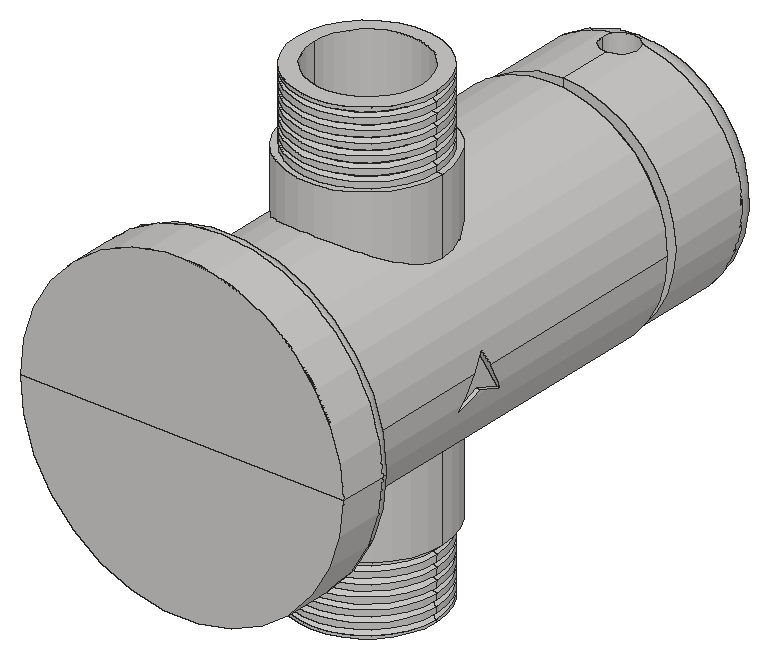
Revit family
Parameters (values of type "Type 1")
  WarrantyDurationUnit = "10 years"
  WarrantyDescription = "Any manufacturing defect"
  Version = "v1"
  URL = "http://www.delabie.com"
  Type Comments = "Exposed time flow valve"
  SerialNumber = "3456330136372"
  Radius = 10.3 mm
  ProductInformation = "www.delabie.com/products/777800"
  Operation = "Soft-touch time flow valve"
  NominalHeight = 70 mm
  Name = "TEMPOSOFT 2"
  ModelNumber = "777800"
  Model = "TEMPOSOFT 2"
  Material = Solid brass
  ManufacturerURL = "http://www.delabie.com"
  ManufacturerName = "DELABIE"
  Manufacturer = "DELABIE"
  IntegralAccessoryOptions = "Neck tube, floor trap, siphon"
  FlowRate lps = "0.15 lps at 3bar"
  FlowRate lpm = "9 lpm at 3 bar"
  Finish = Chrome-plated
  Features  = "Exposed time flow urinal valve:\r\nFor standard or siphon action urinals.\r\nSoft-touch operation.\r\nTime flow ~3 sec.\r\nFlow rate pre-set at 0.15 l/sec. at 3 bar, can be adjusted.\r\nChrome-plated solid brass body M½\".\r\nWall plate.\r\nStraight for in-line inlet."
  Description = "French manufacturer Delabie is a leader in the European sanitary ware market for non-domestic places. Water controls, solutions for disabled people, sanitary ware, for schools, leisure centres, offices, hospitals, airports…"
  Category = "Urinal valve"
  Assembly Code = ""
Reference planes
  plane 1: y = 0
  plane 2 "Center (Left/Right)": x = 125
  plane 3 "Back": y = 75
  plane 4: y = 75
  plane 5: y = 75
  plane 6: y = 75
  plane 7: z = 1067.89
  plane 8: z = 1067.89
Forms (mm)
  Sweep 1, solid, material "Laiton massif chromé"
    path origin (124.322, 75.014, 533.945) x (1, 0, 0) y (0, 0, -1)
      loop
        line (0, 35.617) -> (0, -34.383)
    profile origin (124.322, 75.014, 533.328) x (1, 0, 0) y (0, 1, 0)
      loop
        circle (0, 34) r 11.146
  Revolve 2, void
    sketch origin (124.322, 109.014, 533.945) x (1, 0, 0) y (0, 0, -1)
      loop
        line (-10.246, 25.101) -> (-10.246, 25.972) -> (-9.516, 26.354) -> (-10.246, 26.792) -> (-10.246, 27.663) -> (-9.516, 28.045) -> (-10.246, 28.484) -> (-10.246, 29.345) -> (-9.516, 29.727) -> (-10.246, 30.166) -> (-10.246, 31.037) -> (-9.516, 31.419) -> (-10.246, 31.857) -> (-10.246, 32.728) -> (-9.516, 33.11) -> (-10.246, 33.548) -> (-10.246, 34.419) -> (-9.516, 34.801) -> (-10.246, 35.24) -> (-10.246, 39.312) -> (-11.73, 39.312) -> (-11.73, 25.101) -> (-10.246, 25.101)
      loop
        line (-10.246, -23.695) -> (-11.73, -23.695) -> (-11.73, -40.556) -> (-10.246, -40.556) -> (-10.246, -33.834) -> (-9.516, -33.395) -> (-10.246, -33.013) -> (-10.246, -32.142) -> (-9.516, -31.704) -> (-10.246, -31.322) -> (-10.246, -30.451) -> (-9.516, -30.012) -> (-10.246, -29.63) -> (-10.246, -28.759) -> (-9.516, -28.321) -> (-10.246, -27.939) -> (-10.246, -27.077) -> (-9.516, -26.639) -> (-10.246, -26.257) -> (-10.246, -25.386) -> (-9.516, -24.947) -> (-10.246, -24.565) -> (-10.246, -23.695)
      axis (0, -40.556) -> (0, 39.312)
    angle from 0 to 360
  Extrusion 3, solid, material "Laiton massif chromé"
    sketch origin (124.322, 109.014, 533.945) x (1, 0, 0) y (0, 0, -1)
      loop
        circle (0, 0) r 17.017
    from -25.886 to 33.949
  Revolve 4, solid, material "Laiton massif chromé"
    sketch origin (124.322, 109.014, 533.945) x (0, 0, -1) y (0, 1, 0)
      loop
        line (0, 33.949) -> (14.992, 33.949) -> (14.992, 35.986) -> (16.742, 35.986) -> (16.742, 48.02)
        arc (16.742, 48.02) -> (15.976, 50.282) -> (13.994, 51.613) r 3.723
        arc (13.994, 51.613) -> (7.066, 53.022) -> (0, 53.263) r 42.492
        line (0, 53.263) -> (0, 33.949)
      axis (0, 33.949) -> (0, 53.263)
    angle from 0 to 360
  Extrusion 5, void
    sketch origin (124.322, 108.701, 533.945) x (0, 0, -1) y (0, 1, 0)
      loop
        line (-11.71, 52.613) -> (-20.297, 51.634) -> (-20.056, 48.175) -> (-11.71, 52.613)
    from -9.777 to 9.528
  Extrusion 6, void
    sketch origin (124.322, 109.014, 533.945) x (1, 0, 0) y (0, 1, 0)
      loop
        circle (0, 46.486) r 2.6
    from 6.25 to 17.639
  Revolve 7, solid, material "Laiton massif chromé"
    sketch origin (124.322, 112.139, 532.695) x (0, 0, -1) y (0, 1, 0)
      loop
        line (23.836, -11.333) -> (15.743, -11.333) -> (15.743, -25.029)
        arc (15.743, -25.029) -> (21.286, -20.749) -> (23.836, -14.228) r 13.115
        line (23.836, -14.228) -> (23.836, -11.333)
      axis (15.743, -25.029) -> (15.743, -11.333)
    angle from 0 to 360
  Sweep 8, void
    path origin (124.322, 109.014, 533.945) x (1, 0, 0) y (0, 0, -1)
      loop
        line (15.994, 0) -> (17.967, 0)
    profile origin (141.303, 109.014, 533.945) x (0, 0, -1) y (0, 1, 0)
      loop
        line (-2.553, -0.026) -> (4.361, -4.27) -> (2.676, 0) -> (4.206, 3.876) -> (-2.553, -0.026)
  Sweep 9, void
    path origin (124.322, 109.014, 533.945) x (-1, 0, 0) y (0, 0, 1)
      loop
        line (15.994, 0) -> (17.967, 0)
    profile origin (107.341, 109.014, 533.945) x (0, 0, 1) y (0, 1, 0)
      loop
        line (2.553, -0.026) -> (-4.206, 3.876) -> (-2.676, 0) -> (-4.361, -4.27) -> (2.553, -0.026)
  Extrusion 10, void
    sketch origin (124.322, 75, 533.945) x (1, 0, 0) y (0, 1, 0)
      loop
        circle (-0.046, 33.975) r 10
    from -25.101 to 23.695
  Extrusion 11, void
    sketch origin (124.322, 75, 533.945) x (1, 0, 0) y (0, 1, 0)
      loop
        circle (0, 34.195) r 8.013
    from -44.567 to 42.428
  Sweep 12, solid, material "Laiton massif chromé", not visible
    path origin (0, 0, 0.014) x (1, 0, 0) y (0, 1, 0)
      loop
        line (0, 35.617) -> (0, -34.383)
    profile origin (0, 0.617, 0.014) x (1, 0, 0) y (0, 0, 1)
      loop
        circle (0, 34) r 11.146
  Revolve 13, void, not visible
    sketch origin (0, 0, 34.014) x (1, 0, 0) y (0, 1, 0)
      loop
        line (-10.246, 25.101) -> (-10.246, 25.972) -> (-9.516, 26.354) -> (-10.246, 26.792) -> (-10.246, 27.663) -> (-9.516, 28.045) -> (-10.246, 28.484) -> (-10.246, 29.345) -> (-9.516, 29.727) -> (-10.246, 30.166) -> (-10.246, 31.037) -> (-9.516, 31.419) -> (-10.246, 31.857) -> (-10.246, 32.728) -> (-9.516, 33.11) -> (-10.246, 33.548) -> (-10.246, 34.419) -> (-9.516, 34.801) -> (-10.246, 35.24) -> (-10.246, 39.312) -> (-11.73, 39.312) -> (-11.73, 25.101) -> (-10.246, 25.101)
      loop
        line (-10.246, -23.695) -> (-11.73, -23.695) -> (-11.73, -40.556) -> (-10.246, -40.556) -> (-10.246, -33.834) -> (-9.516, -33.395) -> (-10.246, -33.013) -> (-10.246, -32.142) -> (-9.516, -31.704) -> (-10.246, -31.322) -> (-10.246, -30.451) -> (-9.516, -30.012) -> (-10.246, -29.63) -> (-10.246, -28.759) -> (-9.516, -28.321) -> (-10.246, -27.939) -> (-10.246, -27.077) -> (-9.516, -26.639) -> (-10.246, -26.257) -> (-10.246, -25.386) -> (-9.516, -24.947) -> (-10.246, -24.565) -> (-10.246, -23.695)
      axis (0, -40.556) -> (0, 39.312)
    angle from 0 to 360
  Extrusion 14, solid, material "Laiton massif chromé", not visible
    sketch origin (0, -0.625, 33.985) x (1, 0, 0) y (0, 1, 0)
      loop
        circle (0, 0.625) r 23.722
    from -33.985 to -25
  Revolve 15, void, not visible
    sketch origin (0, 0, 34.014) x (0, 1, 0) y (0, 0, 1)
      loop
        line (24.604, -28.222) -> (24.604, -24.687) -> (21.068, -24.687)
        arc (21.068, -24.687) -> (23.568, -25.722) -> (24.604, -28.222) r 3.536
      axis (0, -24.687) -> (0, -28.222)
    angle from 0 to 360
  Extrusion 16, solid, material "Laiton massif chromé", not visible
    sketch origin (0, 0, 34.014) x (1, 0, 0) y (0, 1, 0)
      loop
        circle (0, 0) r 17.017
    from -24.938 to 33.949
  Revolve 17, solid, material "Laiton massif chromé", not visible
    sketch origin (0, 0, 34.014) x (0, 1, 0) y (0, 0, 1)
      loop
        line (0, 33.949) -> (14.992, 33.949) -> (14.992, 35.986) -> (16.742, 35.986) -> (16.742, 48.02)
        arc (16.742, 48.02) -> (15.976, 50.282) -> (13.994, 51.613) r 3.723
        arc (13.994, 51.613) -> (7.066, 53.022) -> (0, 53.263) r 42.492
        line (0, 53.263) -> (0, 33.949)
      axis (0, 33.949) -> (0, 53.263)
    angle from 0 to 360
  Extrusion 18, void, not visible
    sketch origin (0, 0, 33.701) x (0, 1, 0) y (0, 0, 1)
      loop
        line (-11.71, 52.613) -> (-20.297, 51.634) -> (-20.056, 48.175) -> (-11.71, 52.613)
    from -9.777 to 9.528
  Extrusion 19, void, not visible
    sketch origin (0, 0, 34.014) x (1, 0, 0) y (0, 0, 1)
      loop
        circle (0, 46.486) r 2.6
    from 6.25 to 17.639
  Revolve 20, solid, material "Laiton massif chromé", not visible
    sketch origin (0, 1.25, 37.139) x (0, 1, 0) y (0, 0, 1)
      loop
        line (23.836, -11.333) -> (15.743, -11.333) -> (15.743, -25.029)
        arc (15.743, -25.029) -> (21.286, -20.749) -> (23.836, -14.228) r 13.115
        line (23.836, -14.228) -> (23.836, -11.333)
      axis (15.743, -25.029) -> (15.743, -11.333)
    angle from 0 to 360
  Sweep 21, void, not visible
    path origin (0, 0, 34.014) x (1, 0, 0) y (0, 1, 0)
      loop
        line (15.994, 0) -> (17.967, 0)
    profile origin (16.981, 0, 34.014) x (0, 1, 0) y (0, 0, 1)
      loop
        line (-2.553, -0.026) -> (4.361, -4.27) -> (2.676, 0) -> (4.206, 3.876) -> (-2.553, -0.026)
  Sweep 22, void, not visible
    path origin (0, 0, 34.014) x (-1, 0, 0) y (0, -1, 0)
      loop
        line (15.994, 0) -> (17.967, 0)
    profile origin (-16.981, 0, 34.014) x (0, -1, 0) y (0, 0, 1)
      loop
        line (2.553, -0.026) -> (-4.206, 3.876) -> (-2.676, 0) -> (-4.361, -4.27) -> (2.553, -0.026)
  Extrusion 23, void, not visible
    sketch origin (0, 0, 0) x (1, 0, 0) y (0, 0, 1)
      loop
        circle (-0.046, 33.975) r 10
    from -38.987 to 35.547
  Extrusion 24, void, not visible
    sketch origin (0, 0, 0) x (1, 0, 0) y (0, 0, 1)
      loop
        circle (0, 34.195) r 8.013
    from -44.567 to 42.428
  Sweep 25, solid, material "Laiton massif chromé", not visible
    path origin (125, 75.014, 533.945) x (1, 0, 0) y (0, 0, -1)
      loop
        line (0, 35.617) -> (0, -34.383)
    profile origin (125, 75.014, 533.328) x (1, 0, 0) y (0, 1, 0)
      loop
        circle (0, 34) r 11.146
  Revolve 26, void, not visible
    sketch origin (125, 109.014, 533.945) x (1, 0, 0) y (0, 0, -1)
      loop
        line (-10.246, 25.101) -> (-10.246, 25.972) -> (-9.516, 26.354) -> (-10.246, 26.792) -> (-10.246, 27.663) -> (-9.516, 28.045) -> (-10.246, 28.484) -> (-10.246, 29.345) -> (-9.516, 29.727) -> (-10.246, 30.166) -> (-10.246, 31.037) -> (-9.516, 31.419) -> (-10.246, 31.857) -> (-10.246, 32.728) -> (-9.516, 33.11) -> (-10.246, 33.548) -> (-10.246, 34.419) -> (-9.516, 34.801) -> (-10.246, 35.24) -> (-10.246, 39.312) -> (-11.73, 39.312) -> (-11.73, 25.101) -> (-10.246, 25.101)
      loop
        line (-10.246, -23.695) -> (-11.73, -23.695) -> (-11.73, -40.556) -> (-10.246, -40.556) -> (-10.246, -33.834) -> (-9.516, -33.395) -> (-10.246, -33.013) -> (-10.246, -32.142) -> (-9.516, -31.704) -> (-10.246, -31.322) -> (-10.246, -30.451) -> (-9.516, -30.012) -> (-10.246, -29.63) -> (-10.246, -28.759) -> (-9.516, -28.321) -> (-10.246, -27.939) -> (-10.246, -27.077) -> (-9.516, -26.639) -> (-10.246, -26.257) -> (-10.246, -25.386) -> (-9.516, -24.947) -> (-10.246, -24.565) -> (-10.246, -23.695)
      axis (0, -40.556) -> (0, 39.312)
    angle from 0 to 360
  Extrusion 27, solid, material "Laiton massif chromé", not visible
    sketch origin (125, 108.985, 534.57) x (1, 0, 0) y (0, 0, -1)
      loop
        circle (0, 0.625) r 23.722
    from -32.146 to -24.909
  Revolve 28, void, not visible
    sketch origin (125, 109.014, 533.945) x (0, 0, -1) y (0, 1, 0)
      loop
        line (24.604, -28.222) -> (24.604, -24.687) -> (21.068, -24.687)
        arc (21.068, -24.687) -> (23.568, -25.722) -> (24.604, -28.222) r 3.536
      axis (0, -24.687) -> (0, -28.222)
    angle from 0 to 360
  Extrusion 29, solid, material "Laiton massif chromé", not visible
    sketch origin (125, 109.014, 533.945) x (1, 0, 0) y (0, 0, -1)
      loop
        circle (0, 0) r 17.017
    from -24.938 to 33.949
  Revolve 30, solid, material "Laiton massif chromé", not visible
    sketch origin (125, 109.014, 533.945) x (0, 0, -1) y (0, 1, 0)
      loop
        line (0, 33.949) -> (14.992, 33.949) -> (14.992, 35.986) -> (16.742, 35.986) -> (16.742, 48.02)
        arc (16.742, 48.02) -> (15.976, 50.282) -> (13.994, 51.613) r 3.723
        arc (13.994, 51.613) -> (7.066, 53.022) -> (0, 53.263) r 42.492
        line (0, 53.263) -> (0, 33.949)
      axis (0, 33.949) -> (0, 53.263)
    angle from 0 to 360
  Extrusion 31, void, not visible
    sketch origin (125, 108.701, 533.945) x (0, 0, -1) y (0, 1, 0)
      loop
        line (-11.71, 52.613) -> (-20.297, 51.634) -> (-20.056, 48.175) -> (-11.71, 52.613)
    from -9.777 to 9.528
  Extrusion 32, void, not visible
    sketch origin (125, 109.014, 533.945) x (1, 0, 0) y (0, 1, 0)
      loop
        circle (0, 46.486) r 2.6
    from 6.25 to 17.639
  Revolve 33, solid, material "Laiton massif chromé", not visible
    sketch origin (125, 112.139, 532.695) x (0, 0, -1) y (0, 1, 0)
      loop
        line (23.836, -11.333) -> (15.743, -11.333) -> (15.743, -25.029)
        arc (15.743, -25.029) -> (21.286, -20.749) -> (23.836, -14.228) r 13.115
        line (23.836, -14.228) -> (23.836, -11.333)
      axis (15.743, -25.029) -> (15.743, -11.333)
    angle from 0 to 360
  Sweep 34, void, not visible
    path origin (125, 109.014, 533.945) x (1, 0, 0) y (0, 0, -1)
      loop
        line (15.994, 0) -> (17.967, 0)
    profile origin (141.981, 109.014, 533.945) x (0, 0, -1) y (0, 1, 0)
      loop
        line (-2.553, -0.026) -> (4.361, -4.27) -> (2.676, 0) -> (4.206, 3.876) -> (-2.553, -0.026)
  Sweep 35, void, not visible
    path origin (125, 109.014, 533.945) x (-1, 0, 0) y (0, 0, 1)
      loop
        line (15.994, 0) -> (17.967, 0)
    profile origin (108.019, 109.014, 533.945) x (0, 0, 1) y (0, 1, 0)
      loop
        line (2.553, -0.026) -> (-4.206, 3.876) -> (-2.676, 0) -> (-4.361, -4.27) -> (2.553, -0.026)
  Extrusion 36, void, not visible
    sketch origin (125, 75, 533.945) x (1, 0, 0) y (0, 1, 0)
      loop
        circle (-0.046, 33.975) r 10
    from -38.987 to 35.547
  Extrusion 37, void, not visible
    sketch origin (125, 75, 533.945) x (1, 0, 0) y (0, 1, 0)
      loop
        circle (0, 34.195) r 8.013
    from -44.567 to 42.428
  Revolve 38, solid, material "Laiton massif chromé", not visible
    sketch origin (125, 109.014, 533.945) x (0, 0, -1) y (0, 1, 0)
      loop
        line (0, 33.949) -> (14.992, 33.949) -> (14.992, 35.986) -> (16.742, 35.986) -> (16.742, 48.02)
        arc (16.742, 48.02) -> (15.976, 50.282) -> (13.994, 51.613) r 3.723
        arc (13.994, 51.613) -> (7.066, 53.022) -> (0, 53.263) r 42.492
        line (0, 53.263) -> (0, 33.949)
      axis (0, 33.949) -> (0, 53.263)
    angle from 0 to 360
  Extrusion 39, void, not visible
    sketch origin (125, 108.701, 533.945) x (0, 0, -1) y (0, 1, 0)
      loop
        line (-11.71, 52.613) -> (-20.297, 51.634) -> (-20.056, 48.175) -> (-11.71, 52.613)
    from -9.777 to 9.528
  Extrusion 40, void, not visible
    sketch origin (125, 109.014, 533.945) x (1, 0, 0) y (0, 1, 0)
      loop
        circle (0, 46.486) r 2.6
    from 6.25 to 17.639
  Sweep 41, solid, material "Laiton massif chromé", not visible
    path origin (125, 75.014, 533.945) x (1, 0, 0) y (0, 0, -1)
      loop
        line (0, 35.617) -> (0, -34.383)
    profile origin (125, 75.014, 533.328) x (1, 0, 0) y (0, 1, 0)
      loop
        circle (0, 34) r 11.146
  Revolve 42, void, not visible
    sketch origin (125, 109.014, 533.945) x (1, 0, 0) y (0, 0, -1)
      loop
        line (-10.246, 25.101) -> (-10.246, 25.972) -> (-9.516, 26.354) -> (-10.246, 26.792) -> (-10.246, 27.663) -> (-9.516, 28.045) -> (-10.246, 28.484) -> (-10.246, 29.345) -> (-9.516, 29.727) -> (-10.246, 30.166) -> (-10.246, 31.037) -> (-9.516, 31.419) -> (-10.246, 31.857) -> (-10.246, 32.728) -> (-9.516, 33.11) -> (-10.246, 33.548) -> (-10.246, 34.419) -> (-9.516, 34.801) -> (-10.246, 35.24) -> (-10.246, 39.312) -> (-11.73, 39.312) -> (-11.73, 25.101) -> (-10.246, 25.101)
      loop
        line (-10.246, -23.695) -> (-11.73, -23.695) -> (-11.73, -40.556) -> (-10.246, -40.556) -> (-10.246, -33.834) -> (-9.516, -33.395) -> (-10.246, -33.013) -> (-10.246, -32.142) -> (-9.516, -31.704) -> (-10.246, -31.322) -> (-10.246, -30.451) -> (-9.516, -30.012) -> (-10.246, -29.63) -> (-10.246, -28.759) -> (-9.516, -28.321) -> (-10.246, -27.939) -> (-10.246, -27.077) -> (-9.516, -26.639) -> (-10.246, -26.257) -> (-10.246, -25.386) -> (-9.516, -24.947) -> (-10.246, -24.565) -> (-10.246, -23.695)
      axis (0, -40.556) -> (0, 39.312)
    angle from 0 to 360
  Extrusion 43, solid, material "Laiton massif chromé", not visible
    sketch origin (125, 109.014, 533.945) x (1, 0, 0) y (0, 0, -1)
      loop
        circle (0, 0) r 17.017
    from -25.886 to 33.949
  Revolve 44, solid, material "Laiton massif chromé", not visible
    sketch origin (125, 112.139, 532.695) x (0, 0, -1) y (0, 1, 0)
      loop
        line (23.836, -11.333) -> (15.743, -11.333) -> (15.743, -25.029)
        arc (15.743, -25.029) -> (21.286, -20.749) -> (23.836, -14.228) r 13.115
        line (23.836, -14.228) -> (23.836, -11.333)
      axis (15.743, -25.029) -> (15.743, -11.333)
    angle from 0 to 360
  Sweep 45, void, not visible
    path origin (125, 109.014, 533.945) x (1, 0, 0) y (0, 0, -1)
      loop
        line (15.994, 0) -> (17.967, 0)
    profile origin (141.981, 109.014, 533.945) x (0, 0, -1) y (0, 1, 0)
      loop
        line (-2.553, -0.026) -> (4.361, -4.27) -> (2.676, 0) -> (4.206, 3.876) -> (-2.553, -0.026)
  Sweep 46, void, not visible
    path origin (125, 109.014, 533.945) x (-1, 0, 0) y (0, 0, 1)
      loop
        line (15.994, 0) -> (17.967, 0)
    profile origin (108.019, 109.014, 533.945) x (0, 0, 1) y (0, 1, 0)
      loop
        line (2.553, -0.026) -> (-4.206, 3.876) -> (-2.676, 0) -> (-4.361, -4.27) -> (2.553, -0.026)
  Extrusion 47, void, not visible
    sketch origin (125, 75, 533.945) x (1, 0, 0) y (0, 1, 0)
      loop
        circle (-0.046, 33.975) r 10
    from -38.987 to 35.547
  Extrusion 48, void, not visible
    sketch origin (125, 75, 533.945) x (1, 0, 0) y (0, 1, 0)
      loop
        circle (0, 34.195) r 8.013
    from -44.567 to 42.428
  Extrusion 49, solid, material "Laiton massif chromé", not visible
    sketch origin (125, 108.985, 534.57) x (1, 0, 0) y (0, 0, -1)
      loop
        circle (0, 0.625) r 23.722
    from -33.425 to -24.658
  Revolve 50, void, not visible
    sketch origin (125, 109.014, 533.945) x (0, 0, -1) y (0, 1, 0)
      loop
        line (24.604, -28.222) -> (24.604, -24.687) -> (21.068, -24.687)
        arc (21.068, -24.687) -> (23.568, -25.722) -> (24.604, -28.222) r 3.536
      axis (0, -24.687) -> (0, -28.222)
    angle from 0 to 360
  Revolve 51, solid, material "Laiton massif chromé"
    sketch origin (-0.678, 0, 533.945) x (1, 0, 0) y (0, 1, 0)
      loop
        line (125, 84.194) -> (103.271, 84.194)
        arc (103.271, 84.194) -> (101.826, 83.596) -> (101.228, 82.151) r 2.044
        line (101.228, 82.151) -> (101.228, 75) -> (125, 75) -> (125, 84.194)
      axis (125, 75) -> (125, 84.194)
    angle from 0 to 360
  Sweep 52, solid, material "Laiton massif chromé", not visible
    path origin (125, 75.014, 533.945) x (1, 0, 0) y (0, 0, -1)
      loop
        line (0, 35.617) -> (0, -34.383)
    profile origin (125, 75.014, 533.328) x (1, 0, 0) y (0, 1, 0)
      loop
        circle (0, 34) r 11.146
  Revolve 53, void, not visible
    sketch origin (125, 109.014, 533.945) x (1, 0, 0) y (0, 0, -1)
      loop
        line (-10.246, 25.101) -> (-10.246, 25.972) -> (-9.516, 26.354) -> (-10.246, 26.792) -> (-10.246, 27.663) -> (-9.516, 28.045) -> (-10.246, 28.484) -> (-10.246, 29.345) -> (-9.516, 29.727) -> (-10.246, 30.166) -> (-10.246, 31.037) -> (-9.516, 31.419) -> (-10.246, 31.857) -> (-10.246, 32.728) -> (-9.516, 33.11) -> (-10.246, 33.548) -> (-10.246, 34.419) -> (-9.516, 34.801) -> (-10.246, 35.24) -> (-10.246, 39.312) -> (-11.73, 39.312) -> (-11.73, 25.101) -> (-10.246, 25.101)
      loop
        line (-10.246, -23.695) -> (-11.73, -23.695) -> (-11.73, -40.556) -> (-10.246, -40.556) -> (-10.246, -33.834) -> (-9.516, -33.395) -> (-10.246, -33.013) -> (-10.246, -32.142) -> (-9.516, -31.704) -> (-10.246, -31.322) -> (-10.246, -30.451) -> (-9.516, -30.012) -> (-10.246, -29.63) -> (-10.246, -28.759) -> (-9.516, -28.321) -> (-10.246, -27.939) -> (-10.246, -27.077) -> (-9.516, -26.639) -> (-10.246, -26.257) -> (-10.246, -25.386) -> (-9.516, -24.947) -> (-10.246, -24.565) -> (-10.246, -23.695)
      axis (0, -40.556) -> (0, 39.312)
    angle from 0 to 360
  Extrusion 54, solid, material "Laiton massif chromé", not visible
    sketch origin (125, 109.014, 533.945) x (1, 0, 0) y (0, 0, -1)
      loop
        circle (0, 0) r 17.017
    from -25.886 to 33.949
  Revolve 55, solid, material "Laiton massif chromé", not visible
    sketch origin (125, 109.014, 533.945) x (0, 0, -1) y (0, 1, 0)
      loop
        line (0, 33.949) -> (14.992, 33.949) -> (14.992, 35.986) -> (16.742, 35.986) -> (16.742, 48.02)
        arc (16.742, 48.02) -> (15.976, 50.282) -> (13.994, 51.613) r 3.723
        arc (13.994, 51.613) -> (7.066, 53.022) -> (0, 53.263) r 42.492
        line (0, 53.263) -> (0, 33.949)
      axis (0, 33.949) -> (0, 53.263)
    angle from 0 to 360
  Extrusion 56, void, not visible
    sketch origin (125, 108.701, 533.945) x (0, 0, -1) y (0, 1, 0)
      loop
        line (-11.71, 52.613) -> (-20.297, 51.634) -> (-20.056, 48.175) -> (-11.71, 52.613)
    from -9.777 to 9.528
  Extrusion 57, void, not visible
    sketch origin (125, 109.014, 533.945) x (1, 0, 0) y (0, 1, 0)
      loop
        circle (0, 46.486) r 2.6
    from 6.25 to 17.639
  Revolve 58, solid, material "Laiton massif chromé", not visible
    sketch origin (125, 112.139, 532.695) x (0, 0, -1) y (0, 1, 0)
      loop
        line (23.836, -11.333) -> (15.743, -11.333) -> (15.743, -25.029)
        arc (15.743, -25.029) -> (21.286, -20.749) -> (23.836, -14.228) r 13.115
        line (23.836, -14.228) -> (23.836, -11.333)
      axis (15.743, -25.029) -> (15.743, -11.333)
    angle from 0 to 360
  Sweep 59, void, not visible
    path origin (125, 109.014, 533.945) x (1, 0, 0) y (0, 0, -1)
      loop
        line (15.994, 0) -> (17.967, 0)
    profile origin (141.981, 109.014, 533.945) x (0, 0, -1) y (0, 1, 0)
      loop
        line (-2.553, -0.026) -> (4.361, -4.27) -> (2.676, 0) -> (4.206, 3.876) -> (-2.553, -0.026)
  Sweep 60, void, not visible
    path origin (125, 109.014, 533.945) x (-1, 0, 0) y (0, 0, 1)
      loop
        line (15.994, 0) -> (17.967, 0)
    profile origin (108.019, 109.014, 533.945) x (0, 0, 1) y (0, 1, 0)
      loop
        line (2.553, -0.026) -> (-4.206, 3.876) -> (-2.676, 0) -> (-4.361, -4.27) -> (2.553, -0.026)
  Extrusion 61, void, not visible
    sketch origin (125, 75, 533.945) x (1, 0, 0) y (0, 1, 0)
      loop
        circle (-0.046, 33.975) r 10
    from -25.101 to 23.695
  Extrusion 62, void, not visible
    sketch origin (125, 75, 533.945) x (1, 0, 0) y (0, 1, 0)
      loop
        circle (0, 34.195) r 8.013
    from -44.567 to 42.428
  Revolve 63, solid, material "Laiton massif chromé", not visible
    sketch origin (0, 0, 533.945) x (1, 0, 0) y (0, 1, 0)
      loop
        line (125, 84.194) -> (103.271, 84.194)
        arc (103.271, 84.194) -> (101.826, 83.596) -> (101.228, 82.151) r 2.044
        line (101.228, 82.151) -> (101.228, 75) -> (125, 75) -> (125, 84.194)
      axis (125, 75) -> (125, 84.194)
    angle from 0 to 360
Cuts and joins
  Extrusion 5, Extrusion 6 cuts Revolve 4
  Revolve 2, Extrusion 11 cuts Sweep 1
  Sweep 8, Sweep 9 cuts Extrusion 3
Text (mm)
  text "Placement side" at (-1787.139, 592.35, 0), in view "Ref. Level"
  text "Placement side" at (0, 1827.695, 2917.686), in view "Left"
  text "Placement side" at (0, 562.268, 3853.606), in view "Right"
Dimensions and locks
  locked: plane 3 "Back" to host wall at 0
  cut or joined group of Extrusion 3, Sweep 8, Sweep 9 to cut or joined group of Revolve 4, Extrusion 5, Extrusion 6 = 0 mm
  locked: plane 5 to plane 4 at 0
  aligned and locked: host wall to plane 1
  aligned and locked: Revolve 50 to Extrusion 49
  aligned and locked: plane 4 to plane 3 "Back"
  aligned and locked: Extrusion 3 to cut or joined group of Revolve 4, Extrusion 5, Extrusion 6
Connectors
  piping at (124.322, 109.014, 498.328), driven by "Radius"
    settings: on cut or joined group of Sweep 1, Revolve 2, Extrusion 11, index 1, connector radius 10.3 mm, flow factor 0, pipe flow 0.0 L/s, pressure drop 0.0 Pa, fitting loss kfactor 0, connector angle 0.00°, fixture units 0, flow configuration 0, flow direction 1, fitting loss method 0, system type 20, connector reference index -1, connector utility 0, adjustable connector no, is connector primary yes, fitting loss table "", connector description "In - Cold water"
